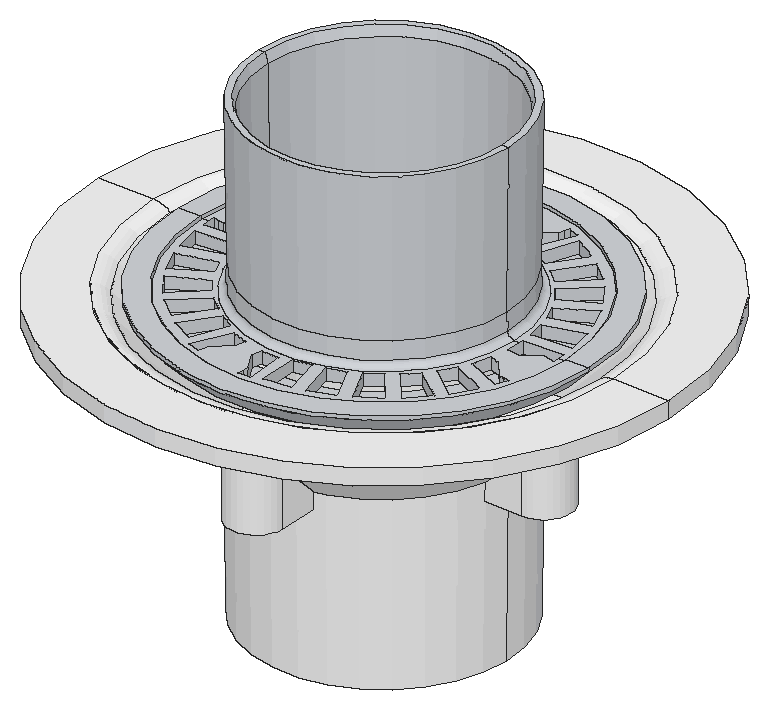
Revit family "3000.111 & 112 DPJ 65x80", category Plumbing Fixtures, Revit 2019
Family settings
  Round Connector Dimension = Use Diameter
  Part Type = Normal
  OmniClass Number = 23.45.00.00
  Work Plane-Based = No
  Always vertical = Yes
  Cut with Voids When Loaded = No
  Shared = No
  Room Calculation Point = No
Parameters (values of type "DPJ 65x80v")
  Waste Connection = yes
  Vent Connection = no
  V = not(NV)  # yes
  URL = "www.aquaknight.co.nz"
  Phone = "+6498322214"  # constant formula
  NV = no
  Model = "3000.111"
  Manufacturer = "Aquanight Industries Ltd"  # constant formula
  Inlet = 26 mm
  HW Connection = no
  Email = "info@aquaknight.co.nz"  # constant formula
  Description = "DownPipe Junction 65x80 vented"
  CW Connection = no
Types (2, lengths in mm): name | V | NV | Model | Inlet | Description
  DPJ 65x80v | yes | no | "3000.111" | 26 | "DownPipe Junction 65x80 vented"
  DPJ 65x80nv | no | yes | "3000.112" | 30 | "DownPipe Junction 65x80 none-vented"
Reference planes
  plane 1 "Center (Front/Back)": y = 0
  plane 2: z = 0
  plane 3 "Center (Left/Right)": x = 0
  plane 4: z = -61.858
  plane 5: z = 26
Forms (mm)
  Revolve 1, solid, material "Plastic, Glossy White"
    sketch origin (0, 0, -4) x (1, 0, 0) y (0, 0, 1)
      loop
        line (68.964, -1) -> (86.492, -1) -> (86.492, 4) -> (69.731, 4)
        arc (69.731, 4) -> (67.109, 3.478) -> (64.886, 1.993) r 6.851
        line (64.886, 1.993) -> (33.035, -29.858) -> (32.428, -83.858) -> (37.428, -83.858) -> (38.011, -31.953) -> (68.964, -1)
      axis (0, 4) -> (0, -83.858)
    angle from 0 to 360
  Extrusion 2, solid, material "Plastic, Glossy White", detail levels fine
    sketch origin (0, 0, -4) x (1, 0, 0) y (0, 1, 0)
      loop
        line (-48.511, -8.2) -> (-37.02, -8.2) -> (-37.02, 8.2) -> (-48.511, 8.2)
        arc (-48.511, 8.2) -> (-56.711, 0) -> (-48.511, -8.2) r 8.2
      loop
        arc (48.511, -8.2) -> (56.711, 0) -> (48.511, 8.2) r 8.2
        line (48.511, 8.2) -> (37.02, 8.2) -> (37.02, -8.2) -> (48.511, -8.2)
      loop
        line (-8.2, 48.511) -> (-8.2, 37.02) -> (8.2, 37.02) -> (8.2, 48.511)
        arc (8.2, 48.511) -> (0, 56.711) -> (-8.2, 48.511) r 8.2
      loop
        arc (-8.2, -48.511) -> (0, -56.711) -> (8.2, -48.511) r 8.2
        line (8.2, -48.511) -> (8.2, -37.02) -> (-8.2, -37.02) -> (-8.2, -48.511)
    from -37 to -12.5
  Revolve 3, solid, visible <- "V"
    sketch origin (0, 0, 0) x (1, 0, 0) y (0, 0, 1)
      loop
        line (35.279, 48.923) -> (34.637, -0.113) -> (31.114, -3.636) -> (31.114, -8.585) -> (36.08, -3.62) -> (55, -3.62) -> (55, -0.163) -> (39.508, -0.162)
        arc (39.508, -0.162) -> (38.119, 0.399) -> (37.51, 1.768) r 2
        line (37.51, 1.768) -> (37.329, 6.932) -> (37.918, 51.875) -> (36.111, 51.875) -> (35.279, 48.923)
      loop
        line (55.55, 0.38) -> (55.55, -4.123) -> (42.603, -4.123) -> (41.726, -5) -> (41.726, -6.81) -> (56.208, -6.81) -> (62.286, -0.733) -> (62.286, 0.38) -> (55.55, 0.38)
      axis (0, 51.875) -> (0, -8.585)
    angle from 0 to 360
  Revolve 4, solid, material "Stainless Steel", visible <- "NV"
    sketch origin (0, 0, 0) x (1, 0, 0) y (0, 0, 1)
      loop
        line (-37.911, 55.875) -> (-37.266, 6.57)
        arc (-37.266, 6.57) -> (-38.025, 4.684) -> (-39.901, 3.9) r 2.635
        line (-39.901, 3.9) -> (-62, 3.9) -> (-62, 0.665) -> (-35.12, 0.389) -> (-31.114, -3.617) -> (-31.114, 1.333) -> (-34.643, 4.862) -> (-35.265, 52.395) -> (-36.247, 55.875) -> (-37.911, 55.875)
      loop
        line (-53.625, 0.35) -> (-62.031, 0.35) -> (-62.031, -1.232) -> (-56.643, -6.62) -> (-41.6, -6.62) -> (-41.6, -3.62) -> (-53.625, -3.62) -> (-53.625, 0.35)
      axis (0, 55.875) -> (0, -6.62)
    angle from 0 to 360
  Extrusion 5, void
    sketch origin (0, 0, 0) x (1, 0, 0) y (0, 1, 0)
      loop
        arc (-9.503, 39.005) -> (-6.881, 39.451) -> (-4.235, 39.721) r 39.815
        line (-4.235, 39.721) -> (-4.509, 51.607)
        arc (-4.509, 51.607) -> (-8.483, 51.222) -> (-12.415, 50.531) r 51.694
        line (-12.415, 50.531) -> (-9.503, 39.005)
      loop
        arc (-15.918, 49.646) -> (-19.706, 48.387) -> (-23.386, 46.838) r 51.694
        line (-23.386, 46.838) -> (-17.982, 36.249)
        arc (-17.982, 36.249) -> (-15.525, 37.267) -> (-13.006, 38.12) r 39.815
        line (-13.006, 38.12) -> (-15.918, 49.646)
      loop
        arc (-26.604, 45.196) -> (-30.017, 43.125) -> (-33.26, 40.797) r 51.694
        line (-33.26, 40.797) -> (-25.635, 31.675)
        arc (-25.635, 31.675) -> (-23.467, 33.215) -> (-21.2, 34.607) r 39.815
        line (-21.2, 34.607) -> (-26.604, 45.196)
      loop
        arc (-36.032, 38.48) -> (-38.899, 35.701) -> (-41.542, 32.709) r 51.694
        line (-41.542, 32.709) -> (-32.079, 25.513)
        arc (-32.079, 25.513) -> (-30.307, 27.497) -> (-28.407, 29.358) r 39.815
        line (-28.407, 29.358) -> (-36.032, 38.48)
      loop
        arc (-43.729, 29.834) -> (-45.905, 26.487) -> (-47.817, 22.982) r 51.694
        line (-47.817, 22.982) -> (-36.99, 18.072)
        arc (-36.99, 18.072) -> (-35.704, 20.4) -> (-34.266, 22.638) r 39.815
        line (-34.266, 22.638) -> (-43.729, 29.834)
      loop
        line (-38.482, 14.782) -> (-49.314, 19.694) -> (-50.759, 15.926) -> (-49.007, 15.569) -> (-47.363, 15.233) -> (-43.257, 10.364) -> (-40.122, 9.724)
        arc (-40.122, 9.724) -> (-39.386, 12.281) -> (-38.482, 14.782) r 39.815
      loop
        line (21.944, 33.618) -> (28.526, 43.518)
        arc (28.526, 43.518) -> (25.048, 45.478) -> (21.429, 47.164) r 51.694
        line (21.429, 47.164) -> (17.214, 36.047)
        arc (17.214, 36.047) -> (19.62, 34.911) -> (21.944, 33.618) r 39.815
      loop
        line (31.534, 41.518) -> (24.952, 31.618)
        arc (24.952, 31.618) -> (27.044, 29.975) -> (29.022, 28.197) r 39.815
        line (29.022, 28.197) -> (37.642, 36.384)
        arc (37.642, 36.384) -> (34.687, 39.069) -> (31.534, 41.518) r 51.694
      loop
        line (40.13, 33.765) -> (31.51, 25.577)
        arc (31.51, 25.577) -> (33.184, 23.511) -> (34.716, 21.337) r 39.815
        line (34.716, 21.337) -> (44.942, 27.4)
        arc (44.942, 27.4) -> (42.659, 30.675) -> (40.13, 33.765) r 51.694
      loop
        line (46.785, 24.293) -> (36.559, 18.229)
        arc (36.559, 18.229) -> (37.731, 15.842) -> (38.742, 13.381) r 39.815
        line (38.742, 13.381) -> (50.061, 17.018)
        arc (50.061, 17.018) -> (48.563, 20.719) -> (46.785, 24.293) r 51.694
      loop
        line (51.165, 13.578) -> (39.847, 9.942)
        arc (39.847, 9.942) -> (40.458, 7.353) -> (40.896, 4.73) r 39.815
        line (40.896, 4.73) -> (52.74, 5.756)
        arc (52.74, 5.756) -> (52.104, 9.698) -> (51.165, 13.578) r 51.694
      loop
        arc (41.208, 1.131) -> (41.228, -1.529) -> (41.071, -4.184) r 39.815
        line (41.071, -4.184) -> (44.24, -4.624) -> (49.733, -1.4) -> (51.395, -1.63) -> (53.166, -1.876) -> (53.057, 2.158) -> (41.208, 1.131)
      loop
        arc (9.503, -39.005) -> (6.881, -39.451) -> (4.235, -39.721) r 39.815
        line (4.235, -39.721) -> (4.509, -51.607)
        arc (4.509, -51.607) -> (8.483, -51.222) -> (12.415, -50.531) r 51.694
        line (12.415, -50.531) -> (9.503, -39.005)
      loop
        arc (15.918, -49.646) -> (19.706, -48.387) -> (23.386, -46.838) r 51.694
        line (23.386, -46.838) -> (17.982, -36.249)
        arc (17.982, -36.249) -> (15.525, -37.267) -> (13.006, -38.12) r 39.815
        line (13.006, -38.12) -> (15.918, -49.646)
      loop
        arc (26.604, -45.196) -> (30.017, -43.125) -> (33.26, -40.797) r 51.694
        line (33.26, -40.797) -> (25.635, -31.675)
        arc (25.635, -31.675) -> (23.467, -33.215) -> (21.2, -34.607) r 39.815
        line (21.2, -34.607) -> (26.604, -45.196)
      loop
        arc (36.032, -38.48) -> (38.899, -35.701) -> (41.542, -32.709) r 51.694
        line (41.542, -32.709) -> (32.079, -25.513)
        arc (32.079, -25.513) -> (30.307, -27.497) -> (28.407, -29.358) r 39.815
        line (28.407, -29.358) -> (36.032, -38.48)
      loop
        arc (43.729, -29.834) -> (45.905, -26.487) -> (47.817, -22.982) r 51.694
        line (47.817, -22.982) -> (36.99, -18.072)
        arc (36.99, -18.072) -> (35.704, -20.4) -> (34.266, -22.638) r 39.815
        line (34.266, -22.638) -> (43.729, -29.834)
      loop
        line (38.482, -14.782) -> (49.314, -19.694) -> (50.759, -15.926) -> (49.007, -15.569) -> (47.363, -15.233) -> (43.257, -10.364) -> (40.122, -9.724)
        arc (40.122, -9.724) -> (39.386, -12.281) -> (38.482, -14.782) r 39.815
      loop
        line (-21.944, -33.618) -> (-28.526, -43.518)
        arc (-28.526, -43.518) -> (-25.048, -45.478) -> (-21.429, -47.164) r 51.694
        line (-21.429, -47.164) -> (-17.214, -36.047)
        arc (-17.214, -36.047) -> (-19.62, -34.911) -> (-21.944, -33.618) r 39.815
      loop
        line (-31.534, -41.518) -> (-24.952, -31.618)
        arc (-24.952, -31.618) -> (-27.044, -29.975) -> (-29.022, -28.197) r 39.815
        line (-29.022, -28.197) -> (-37.642, -36.384)
        arc (-37.642, -36.384) -> (-34.687, -39.069) -> (-31.534, -41.518) r 51.694
      loop
        line (-40.13, -33.765) -> (-31.51, -25.577)
        arc (-31.51, -25.577) -> (-33.184, -23.511) -> (-34.716, -21.337) r 39.815
        line (-34.716, -21.337) -> (-44.942, -27.4)
        arc (-44.942, -27.4) -> (-42.659, -30.675) -> (-40.13, -33.765) r 51.694
      loop
        line (-46.785, -24.293) -> (-36.559, -18.229)
        arc (-36.559, -18.229) -> (-37.731, -15.842) -> (-38.742, -13.381) r 39.815
        line (-38.742, -13.381) -> (-50.061, -17.018)
        arc (-50.061, -17.018) -> (-48.563, -20.719) -> (-46.785, -24.293) r 51.694
      loop
        line (-51.165, -13.578) -> (-39.847, -9.942)
        arc (-39.847, -9.942) -> (-40.458, -7.353) -> (-40.896, -4.73) r 39.815
        line (-40.896, -4.73) -> (-52.74, -5.756)
        arc (-52.74, -5.756) -> (-52.104, -9.698) -> (-51.165, -13.578) r 51.694
      loop
        arc (-41.208, -1.131) -> (-41.228, 1.529) -> (-41.071, 4.184) r 39.815
        line (-41.071, 4.184) -> (-44.24, 4.624) -> (-49.733, 1.4) -> (-51.395, 1.63) -> (-53.166, 1.876) -> (-53.057, -2.158) -> (-41.208, -1.131)
      loop
        line (14.782, 38.482) -> (19.694, 49.314) -> (15.926, 50.759) -> (15.569, 49.007) -> (15.233, 47.363) -> (10.364, 43.257) -> (9.724, 40.122)
        arc (9.724, 40.122) -> (12.281, 39.386) -> (14.782, 38.482) r 39.815
      loop
        arc (-1.131, 41.208) -> (1.529, 41.228) -> (4.184, 41.071) r 39.815
        line (4.184, 41.071) -> (4.624, 44.24) -> (1.4, 49.733) -> (1.63, 51.395) -> (1.876, 53.166) -> (-2.158, 53.057) -> (-1.131, 41.208)
      loop
        line (-14.782, -38.482) -> (-19.694, -49.314) -> (-15.926, -50.759) -> (-15.569, -49.007) -> (-15.233, -47.363) -> (-10.364, -43.257) -> (-9.724, -40.122)
        arc (-9.724, -40.122) -> (-12.281, -39.386) -> (-14.782, -38.482) r 39.815
      loop
        arc (1.131, -41.208) -> (-1.529, -41.228) -> (-4.184, -41.071) r 39.815
        line (-4.184, -41.071) -> (-4.624, -44.24) -> (-1.4, -49.733) -> (-1.63, -51.395) -> (-1.876, -53.166) -> (2.158, -53.057) -> (1.131, -41.208)
    from -3.851 to 5.895
Cuts and joins
  Extrusion 5 cuts Revolve 3
Lines and regions (mm)
  Masking region 1
    outline origin (0, 0, 0) x (1, 0, 0) y (0, 1, 0)
      loop
        circle (0, 0) r 86.492
  model lines, detail levels fine
    curve 1: circle (0, -80.89, 0) r 4.5 normal (0, 0, -1)
    curve 2: circle (0, 80.524, 0) r 4.5 normal (0, 0, 1)
    curve 3: circle (-80.89, 0, 0) r 4.5 normal (0, 0, -1)
    curve 4: circle (80.524, 0, 0) r 4.5 normal (0, 0, 1)
  symbolic lines
    curve 5: circle (0, 0, 0) r 32.5 normal (0, 0, 1)
    curve 8: circle (0, 0, 0) r 68.964 normal (0, 0, 1)
  symbolic lines, visible <- "V"
    curve 6: circle (0, 0, 0) r 40 normal (0, 0, 1)
    curve 7: circle (0, 0, 0) r 52.512 normal (0, 0, 1)
Dimensions and locks
  level to plane 4 = 61.858 mm
  locked: connector elem to plane 1 "Center (Front/Back)" at 0
  locked: connector elem to plane 3 "Center (Left/Right)" at 0  (x2)
  Revolve 1 to Revolve 1 = 51.906 mm
  locked: Revolve 4 to level at 55.875
  locked: cut or joined group of Revolve 3, Extrusion 5 to level at 51.875
  "Inlet": plane 5 to level
  Revolve 4 to Revolve 1 = 3.9 mm
  locked: connector elem to plane 1 "Center (Front/Back)"
  aligned and locked: level to plane 2
Automatic sketch dimensions
  Revolve 1 sketch curve to plane 3 "Center (Left/Right)" = 0 mm
  Revolve 1 sketch curve to level = 0 mm
  Revolve 1 sketch curve to level = 2.007 mm
  Revolve 1 sketch curve to Revolve 1 sketch curve = 4.844 mm
  Revolve 1 sketch curve to plane 4 = 26 mm
  plane 3 "Center (Left/Right)" to Revolve 1 sketch curve = 32.428 mm
  plane 3 "Center (Left/Right)" to Revolve 1 sketch curve = 33.035 mm
  Revolve 1 sketch curve to Revolve 1 sketch curve = 5 mm
  Revolve 1 sketch curve to Revolve 1 sketch curve = 31.852 mm
  Revolve 1 sketch curve to Revolve 1 sketch curve = 4.977 mm
  Revolve 1 sketch curve to Revolve 1 sketch curve = 0.767 mm
  Revolve 1 sketch curve to Revolve 1 sketch curve = 17.528 mm
  Revolve 1 sketch curve to Revolve 1 sketch curve = 2.094 mm
  Revolve 1 sketch curve to plane 4 = 324.078 mm
  Revolve 1 sketch curve to level = 5 mm
  level to Revolve 1 sketch curve = 2441.244 mm
  Extrusion 5 sketch curve to Extrusion 5 sketch curve = 0 mm  (x440)
  plane 1 "Center (Front/Back)" to Extrusion 5 sketch curve = 0 mm  (x2)
  Extrusion 5 sketch curve to plane 3 "Center (Left/Right)" = 0 mm  (x2)
  Extrusion 5 sketch curve to plane 3 "Center (Left/Right)" = 0.504 mm
  Extrusion 5 sketch curve to plane 3 "Center (Left/Right)" = 1.131 mm
  Extrusion 5 sketch curve to plane 3 "Center (Left/Right)" = 1.4 mm
  Extrusion 5 sketch curve to plane 1 "Center (Front/Back)" = 0.504 mm
  Extrusion 5 sketch curve to plane 3 "Center (Left/Right)" = 1.427 mm
  Extrusion 5 sketch curve to Extrusion 5 sketch curve = 0.086 mm  (x3)
  Extrusion 5 sketch curve to plane 3 "Center (Left/Right)" = 1.63 mm
  Extrusion 5 sketch curve to Extrusion 5 sketch curve = 0.246 mm  (x2)
  Extrusion 5 sketch curve to plane 3 "Center (Left/Right)" = 2.158 mm
  Extrusion 5 sketch curve to plane 3 "Center (Left/Right)" = 4.184 mm
  Extrusion 5 sketch curve to Extrusion 5 sketch curve = 3.104 mm  (x2)
  Extrusion 5 sketch curve to Extrusion 5 sketch curve = 2.351 mm  (x2)
  Extrusion 5 sketch curve to Extrusion 5 sketch curve = 0.44 mm  (x2)
  Extrusion 5 sketch curve to Extrusion 5 sketch curve = 5.268 mm  (x2)
  Extrusion 5 sketch curve to Extrusion 5 sketch curve = 5.54 mm  (x2)
  Extrusion 5 sketch curve to Extrusion 5 sketch curve = 0.64 mm  (x2)
  Extrusion 5 sketch curve to Extrusion 5 sketch curve = 7.906 mm  (x2)
  Extrusion 5 sketch curve to Extrusion 5 sketch curve = 3.502 mm  (x4)
  Extrusion 5 sketch curve to Extrusion 5 sketch curve = 5.058 mm  (x2)
  Extrusion 5 sketch curve to Extrusion 5 sketch curve = 4.869 mm  (x2)
  Extrusion 5 sketch curve to Extrusion 5 sketch curve = 0.336 mm  (x2)
  Extrusion 5 sketch curve to Extrusion 5 sketch curve = 0.358 mm  (x2)
  Extrusion 5 sketch curve to Extrusion 5 sketch curve = 2.433 mm  (x2)
  Extrusion 5 sketch curve to Extrusion 5 sketch curve = 4.977 mm  (x2)
  Extrusion 5 sketch curve to Extrusion 5 sketch curve = 3.768 mm  (x2)
  Extrusion 5 sketch curve to Extrusion 5 sketch curve = 3.218 mm  (x4)
  Extrusion 5 sketch curve to Extrusion 5 sketch curve = 1.735 mm  (x2)
  Extrusion 5 sketch curve to Extrusion 5 sketch curve = 4.729 mm  (x2)
  Extrusion 5 sketch curve to Extrusion 5 sketch curve = 7.468 mm  (x2)
  Extrusion 5 sketch curve to Extrusion 5 sketch curve = 3.008 mm  (x4)
  Extrusion 5 sketch curve to Extrusion 5 sketch curve = 4.435 mm  (x2)
  Extrusion 5 sketch curve to Extrusion 5 sketch curve = 2.772 mm  (x4)
  Extrusion 5 sketch curve to Extrusion 5 sketch curve = 7.097 mm  (x2)
  Extrusion 5 sketch curve to Extrusion 5 sketch curve = 4.07 mm  (x2)
  Extrusion 5 sketch curve to Extrusion 5 sketch curve = 2.488 mm  (x4)
  Extrusion 5 sketch curve to Extrusion 5 sketch curve = 3.672 mm  (x2)
  Extrusion 5 sketch curve to Extrusion 5 sketch curve = 6.656 mm  (x2)
  Extrusion 5 sketch curve to Extrusion 5 sketch curve = 2.187 mm  (x4)
  Extrusion 5 sketch curve to Extrusion 5 sketch curve = 3.207 mm  (x2)
  plane 1 "Center (Front/Back)" to Extrusion 5 sketch curve = 18.229 mm
  Extrusion 5 sketch curve to Extrusion 5 sketch curve = 1.843 mm  (x4)
  Extrusion 5 sketch curve to plane 1 "Center (Front/Back)" = 18.072 mm
  Extrusion 5 sketch curve to Extrusion 5 sketch curve = 2.724 mm  (x2)
  Extrusion 5 sketch curve to Extrusion 5 sketch curve = 6.108 mm  (x2)
  Extrusion 5 sketch curve to plane 1 "Center (Front/Back)" = 14.782 mm
  Extrusion 5 sketch curve to Extrusion 5 sketch curve = 1.492 mm  (x2)
  plane 1 "Center (Front/Back)" to Extrusion 5 sketch curve = 13.381 mm
  plane 1 "Center (Front/Back)" to Extrusion 5 sketch curve = 9.942 mm
  Extrusion 5 sketch curve to Extrusion 5 sketch curve = 1.105 mm  (x4)
  Extrusion 5 sketch curve to plane 1 "Center (Front/Back)" = 9.724 mm
  plane 1 "Center (Front/Back)" to Extrusion 5 sketch curve = 4.73 mm
  Extrusion 5 sketch curve to plane 1 "Center (Front/Back)" = 4.184 mm
  Extrusion 5 sketch curve to Extrusion 5 sketch curve = 0.949 mm  (x4)
  plane 1 "Center (Front/Back)" to Extrusion 5 sketch curve = 1.131 mm
  Extrusion 5 sketch curve to Extrusion 5 sketch curve = 5.51 mm  (x2)
  Extrusion 5 sketch curve to plane 1 "Center (Front/Back)" = 10.364 mm
  Extrusion 5 sketch curve to Extrusion 5 sketch curve = 3.135 mm  (x4)
  Extrusion 5 sketch curve to plane 1 "Center (Front/Back)" = 4.624 mm
  Extrusion 5 sketch curve to Extrusion 5 sketch curve = 3.169 mm  (x4)
  Extrusion 5 sketch curve to Extrusion 5 sketch curve = 4.812 mm  (x2)
  Extrusion 5 sketch curve to plane 1 "Center (Front/Back)" = 15.233 mm
  Extrusion 5 sketch curve to Extrusion 5 sketch curve = 4.106 mm  (x2)
  Extrusion 5 sketch curve to plane 1 "Center (Front/Back)" = 22.982 mm
  Extrusion 5 sketch curve to Extrusion 5 sketch curve = 0.454 mm  (x2)
  Extrusion 5 sketch curve to plane 1 "Center (Front/Back)" = 15.569 mm
  Extrusion 5 sketch curve to Extrusion 5 sketch curve = 1.644 mm  (x4)
  Extrusion 5 sketch curve to plane 1 "Center (Front/Back)" = 19.694 mm
  Extrusion 5 sketch curve to Extrusion 5 sketch curve = 1.497 mm  (x2)
  Extrusion 5 sketch curve to plane 1 "Center (Front/Back)" = 1.4 mm
  Extrusion 5 sketch curve to Extrusion 5 sketch curve = 5.493 mm  (x4)
  plane 1 "Center (Front/Back)" to Extrusion 5 sketch curve = 17.018 mm
  Extrusion 5 sketch curve to Extrusion 5 sketch curve = 3.276 mm  (x2)
  Extrusion 5 sketch curve to plane 1 "Center (Front/Back)" = 15.926 mm
  Extrusion 5 sketch curve to Extrusion 5 sketch curve = 1.752 mm  (x4)
  plane 1 "Center (Front/Back)" to Extrusion 5 sketch curve = 13.578 mm
  Extrusion 5 sketch curve to plane 1 "Center (Front/Back)" = 1.63 mm
  Extrusion 5 sketch curve to Extrusion 5 sketch curve = 1.662 mm  (x4)
  plane 1 "Center (Front/Back)" to Extrusion 5 sketch curve = 5.756 mm
  plane 1 "Center (Front/Back)" to Extrusion 5 sketch curve = 2.158 mm
  Extrusion 5 sketch curve to Extrusion 5 sketch curve = 0.317 mm  (x2)
  Extrusion 5 sketch curve to plane 1 "Center (Front/Back)" = 1.876 mm
  Extrusion 5 sketch curve to Extrusion 5 sketch curve = 1.771 mm  (x4)
  plane 3 "Center (Left/Right)" to Extrusion 5 sketch curve = 0.504 mm
  plane 3 "Center (Left/Right)" to Extrusion 5 sketch curve = 1.131 mm
  plane 3 "Center (Left/Right)" to Extrusion 5 sketch curve = 1.4 mm
  plane 1 "Center (Front/Back)" to Extrusion 5 sketch curve = 0.504 mm
  plane 3 "Center (Left/Right)" to Extrusion 5 sketch curve = 1.427 mm
  plane 3 "Center (Left/Right)" to Extrusion 5 sketch curve = 1.63 mm
  plane 3 "Center (Left/Right)" to Extrusion 5 sketch curve = 2.158 mm
  plane 3 "Center (Left/Right)" to Extrusion 5 sketch curve = 4.184 mm
  Extrusion 5 sketch curve to plane 1 "Center (Front/Back)" = 18.229 mm
  plane 1 "Center (Front/Back)" to Extrusion 5 sketch curve = 18.072 mm
  plane 1 "Center (Front/Back)" to Extrusion 5 sketch curve = 14.782 mm
  Extrusion 5 sketch curve to plane 1 "Center (Front/Back)" = 13.381 mm
  Extrusion 5 sketch curve to plane 1 "Center (Front/Back)" = 9.942 mm
  plane 1 "Center (Front/Back)" to Extrusion 5 sketch curve = 9.724 mm
  Extrusion 5 sketch curve to plane 1 "Center (Front/Back)" = 4.73 mm
  plane 1 "Center (Front/Back)" to Extrusion 5 sketch curve = 4.184 mm
  Extrusion 5 sketch curve to plane 1 "Center (Front/Back)" = 1.131 mm
  plane 1 "Center (Front/Back)" to Extrusion 5 sketch curve = 10.364 mm
  plane 1 "Center (Front/Back)" to Extrusion 5 sketch curve = 4.624 mm
  plane 1 "Center (Front/Back)" to Extrusion 5 sketch curve = 15.233 mm
  plane 1 "Center (Front/Back)" to Extrusion 5 sketch curve = 22.982 mm
  plane 1 "Center (Front/Back)" to Extrusion 5 sketch curve = 15.569 mm
  plane 1 "Center (Front/Back)" to Extrusion 5 sketch curve = 19.694 mm
  plane 1 "Center (Front/Back)" to Extrusion 5 sketch curve = 1.4 mm
  Extrusion 5 sketch curve to plane 1 "Center (Front/Back)" = 17.018 mm
  plane 1 "Center (Front/Back)" to Extrusion 5 sketch curve = 15.926 mm
  Extrusion 5 sketch curve to plane 1 "Center (Front/Back)" = 13.578 mm
  plane 1 "Center (Front/Back)" to Extrusion 5 sketch curve = 1.63 mm
  Extrusion 5 sketch curve to plane 1 "Center (Front/Back)" = 5.756 mm
  Extrusion 5 sketch curve to plane 1 "Center (Front/Back)" = 2.158 mm
  plane 1 "Center (Front/Back)" to Extrusion 5 sketch curve = 1.876 mm
  Extrusion 5 sketch curve to Extrusion 5 sketch curve = 13.388 mm
  Extrusion 5 sketch curve to Extrusion 5 sketch curve = 9.037 mm
  Extrusion 5 sketch curve to Extrusion 5 sketch curve = 2.875 mm  (x3)
  Extrusion 5 sketch curve to Extrusion 5 sketch curve = 2 mm  (x4)
  Extrusion 5 sketch curve to Extrusion 5 sketch curve = 9.471 mm
  Extrusion 5 sketch curve to Extrusion 5 sketch curve = 1.642 mm  (x4)
  Extrusion 5 sketch curve to Extrusion 5 sketch curve = 2.619 mm  (x4)
  Extrusion 5 sketch curve to Extrusion 5 sketch curve = 2.435 mm  (x2)
  Extrusion 5 sketch curve to Extrusion 5 sketch curve = 0.885 mm  (x4)
  Extrusion 5 sketch curve to Extrusion 5 sketch curve = 1.64 mm
  Extrusion 5 sketch curve to Extrusion 5 sketch curve = 2.317 mm  (x4)
  Extrusion 5 sketch curve to Extrusion 5 sketch curve = 1.486 mm
  Extrusion 5 sketch curve to Extrusion 5 sketch curve = 0.199 mm  (x2)
  Extrusion 5 sketch curve to Extrusion 5 sketch curve = 2.15 mm  (x2)
  Extrusion 5 sketch curve to Extrusion 5 sketch curve = 1.45 mm  (x2)
  Extrusion 5 sketch curve to plane 1 "Center (Front/Back)" = 1.427 mm
  Extrusion 5 sketch curve to Extrusion 5 sketch curve = 3.107 mm  (x2)
  curve 2 to Revolve 1 = 80.524 mm
  curve 1 to curve 2 = 0 mm
  Revolve 1 to curve 1 = 80.89 mm
  Revolve 1 to curve 3 = 0 mm
  Revolve 1 to curve 4 = 0 mm
  curve 3 to curve 2 = 80.89 mm
  curve 2 to curve 4 = 80.524 mm
  Revolve 3 sketch curve to plane 3 "Center (Left/Right)" = 0 mm
  Revolve 3 sketch curve to level = 8.585 mm
  plane 3 "Center (Left/Right)" to Revolve 3 sketch curve = 31.114 mm
  Revolve 3 sketch curve to level = 0.113 mm
  Revolve 3 sketch curve to Revolve 3 sketch curve = 3.522 mm
  plane 3 "Center (Left/Right)" to Revolve 3 sketch curve = 35.279 mm
  Revolve 3 sketch curve to level = 3.62 mm
  Revolve 3 sketch curve to Revolve 3 sketch curve = 1.443 mm
  Revolve 3 sketch curve to Revolve 3 sketch curve = 0.833 mm
  level to Revolve 3 sketch curve = 6.932 mm
  Revolve 3 sketch curve to Revolve 3 sketch curve = 2.692 mm
  level to Revolve 3 sketch curve = 1.768 mm
  Revolve 3 sketch curve to Revolve 3 sketch curve = 2.873 mm
  Revolve 3 sketch curve to Revolve 3 sketch curve = 1.806 mm
  Revolve 3 sketch curve to level = 0.162 mm
  Revolve 3 sketch curve to Revolve 3 sketch curve = 1.999 mm
  Revolve 3 sketch curve to Revolve 3 sketch curve = 5.646 mm
  Revolve 3 sketch curve to Revolve 3 sketch curve = 13.274 mm
  Revolve 3 sketch curve to level = 6.81 mm
  Revolve 3 sketch curve to Revolve 3 sketch curve = 1.208 mm
  Revolve 3 sketch curve to level = 0.733 mm
  Revolve 3 sketch curve to Revolve 3 sketch curve = 7.286 mm
  Revolve 3 sketch curve to Revolve 3 sketch curve = 1.81 mm
  Revolve 3 sketch curve to level = 3.636 mm
  level to Revolve 3 sketch curve = 0.38 mm
  Revolve 3 sketch curve to Revolve 3 sketch curve = 41.991 mm
  Revolve 3 sketch curve to Revolve 3 sketch curve = 2.952 mm
  Revolve 3 sketch curve to Revolve 3 sketch curve = 0.877 mm
  Revolve 3 sketch curve to Revolve 3 sketch curve = 0.55 mm
  Revolve 3 sketch curve to plane 4 = 320.078 mm
  Revolve 3 sketch curve to Revolve 3 sketch curve = 2393.368 mm
  Revolve 3 sketch curve to Revolve 3 sketch curve = 0.503 mm
  plane 1 "Center (Front/Back)" to Extrusion 2 sketch curve = 0 mm  (x2)
  Extrusion 2 sketch curve to plane 3 "Center (Left/Right)" = 0 mm  (x2)
  Extrusion 2 sketch curve to plane 3 "Center (Left/Right)" = 8.2 mm  (x2)
  Extrusion 2 sketch curve to plane 1 "Center (Front/Back)" = 8.2 mm
  plane 1 "Center (Front/Back)" to Extrusion 2 sketch curve = 8.2 mm
  plane 3 "Center (Left/Right)" to Extrusion 2 sketch curve = 37.02 mm
  Extrusion 2 sketch curve to Extrusion 2 sketch curve = 11.491 mm  (x4)
  plane 1 "Center (Front/Back)" to Extrusion 2 sketch curve = 37.02 mm
  Extrusion 2 sketch curve to plane 1 "Center (Front/Back)" = 37.02 mm
  Extrusion 2 sketch curve to Extrusion 2 sketch curve = 0 mm
  Revolve 4 sketch curve to plane 3 "Center (Left/Right)" = 0 mm
  Revolve 4 sketch curve to level = 3.617 mm
  level to Revolve 4 sketch curve = 4.862 mm
  Revolve 4 sketch curve to Revolve 4 sketch curve = 3.529 mm
  level to Revolve 4 sketch curve = 0.389 mm
  Revolve 4 sketch curve to Revolve 4 sketch curve = 4.006 mm
  Revolve 4 sketch curve to Revolve 4 sketch curve = 0.981 mm
  level to Revolve 4 sketch curve = 6.57 mm
  Revolve 4 sketch curve to Revolve 4 sketch curve = 2.623 mm
  Revolve 4 sketch curve to Revolve 4 sketch curve = 1.664 mm
  Revolve 4 sketch curve to Revolve 4 sketch curve = 2.635 mm
  Revolve 4 sketch curve to Revolve 4 sketch curve = 6.48 mm
  level to Revolve 4 sketch curve = 0.35 mm
  Revolve 4 sketch curve to level = 3.62 mm
  Revolve 4 sketch curve to Revolve 4 sketch curve = 3 mm
  Revolve 4 sketch curve to level = 1.232 mm
  level to Revolve 4 sketch curve = 1.333 mm
  Revolve 4 sketch curve to Revolve 4 sketch curve = 2.67 mm
  Revolve 4 sketch curve to Revolve 4 sketch curve = 45.826 mm
  Revolve 4 sketch curve to Revolve 4 sketch curve = 3.48 mm
  level to Revolve 4 sketch curve = 0.665 mm
  Revolve 4 sketch curve to Revolve 4 sketch curve = 0.031 mm
  Revolve 4 sketch curve to plane 4 = 320.078 mm
  Revolve 4 sketch curve to Revolve 4 sketch curve = 2389.368 mm
  Extrusion 2 sketch curve to plane 3 "Center (Left/Right)" = 37.02 mm
  Revolve 4 sketch curve to plane 3 "Center (Left/Right)" = 31.114 mm
  Revolve 4 sketch curve to plane 3 "Center (Left/Right)" = 35.265 mm
  Revolve 4 sketch curve to Revolve 4 sketch curve = 12.025 mm
  Revolve 4 sketch curve to Revolve 4 sketch curve = 3.018 mm
  Revolve 4 sketch curve to Revolve 4 sketch curve = 8.375 mm
  curve 5 to curve 6 = 0 mm  (x2)
  curve 5 to curve 7 = 0 mm  (x2)
  curve 5 to curve 8 = 0 mm  (x2)
  curve 6 to curve 7 = 0 mm  (x2)
  curve 6 to curve 8 = 0 mm  (x2)
  curve 7 to curve 8 = 0 mm  (x2)
  plane 1 "Center (Front/Back)" to curve 6 = 0 mm
  curve 6 to plane 3 "Center (Left/Right)" = 0 mm
  plane 1 "Center (Front/Back)" to Masking region 1 sketch curve = 0 mm
  Masking region 1 sketch curve to plane 3 "Center (Left/Right)" = 0 mm
  radius of curve 1 = 4.5 mm
  radius of curve 2 = 4.5 mm
  radius of curve 3 = 4.5 mm
  radius of curve 4 = 4.5 mm
  radius of curve 5 = 32.5 mm
  radius of curve 6 = 40 mm
  radius of curve 7 = 52.512 mm
  radius of curve 8 = 68.964 mm
  radius of Masking region 1 sketch curve = 86.492 mm
Connectors
  piping at (0, 0, -61.858), diameter 80
    settings: on plane 4, index 1, connector inside diameter 609.6 mm, connector length 0 mm, flow factor 0, pipe flow 0.0 L/s, pressure drop 0.0 Pa, fitting loss kfactor 0, connector angle 0.00°, fixture units 0, engagement length 0 mm, angle of deflection 0.00°, flow configuration 0, flow direction 0, fitting loss method 0, system type 28, joint type 0, gender type 0, connector reference index -1, connector utility 0, adjustable connector no, is connector primary yes, connector description ""
  piping at (0, 0, 26), diameter 65
    settings: on plane 5, index 2, connector inside diameter 609.6 mm, connector length 0 mm, flow factor 0, pipe flow 0.0 L/s, pressure drop 0.0 Pa, fitting loss kfactor 0, connector angle 0.00°, fixture units 0, engagement length 0 mm, angle of deflection 0.00°, flow configuration 0, flow direction 0, fitting loss method 0, system type 28, joint type 0, gender type 0, connector reference index -1, connector utility 0, adjustable connector no, is connector primary no, connector description ""
